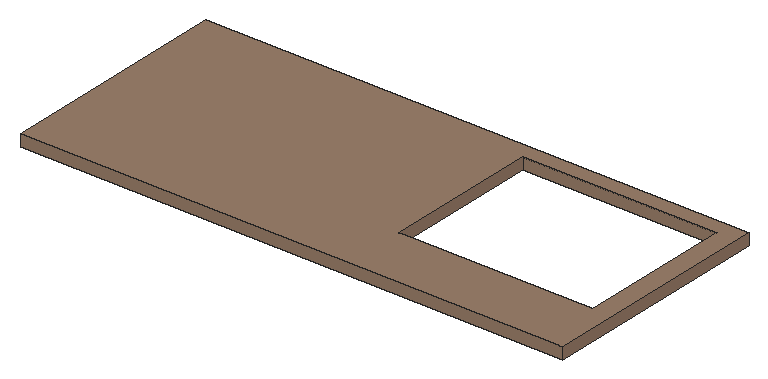
Revit family "Shelf with Hole", category Plumbing Fixtures, Revit 2015
Parameters
  Shelf Thickness [instance] = 30 mm
  Shelf Length [instance] = 1400 mm
  Shelf Depth [instance] = 600 mm
  Material Shelf = Walnut
  Manufacturer = ""
  Keynote = ""
  Hole Offset Right [instance] = 50 mm
  Hole Offset Depth [instance] = 40 mm
  Assembly Code = ""
Reference planes
  plane 1 "Center (Front/Back)": y = 0
  plane 2: z = 0
  plane 3 "Center (Left/Right)": x = 24.85
  plane 4: x = -675.15
  plane 5: x = 724.85
  plane 6: y = -600
Forms (mm)
  Extrusion 1, solid, material "Walnut" <- "Material Shelf"
    sketch origin (0, 0, 0) x (1, 0, 0) y (0, 1, 0)
      loop
        line (-675.15, 0) -> (-675.15, -600) -> (724.85, -600) -> (724.85, 0) -> (-675.15, 0)
      loop
        line (174.85, -40) -> (174.85, -440) -> (674.85, -440) -> (674.85, -40) -> (174.85, -40)
    from 0 to -30
Lines and regions (mm)
  symbolic lines
    curve 1: line (-675.15, -600, 0) -> (724.85, -600, 0)
    curve 2: line (724.85, -600, 0) -> (724.85, 0, 0)
    curve 3: line (724.85, 0, 0) -> (-675.15, 0, 0)
    curve 4: line (-675.15, 0, 0) -> (-675.15, -600, 0)
    curve 5: line (674.85, -40, 0) -> (674.85, -440, 0)
    curve 6: line (674.85, -440, 0) -> (174.85, -440, 0)
    curve 7: line (174.85, -440, 0) -> (174.85, -40, 0)
    curve 8: line (174.85, -40, 0) -> (674.85, -40, 0)
Dimensions and locks
  equal spacing: plane 4, plane 3 "Center (Left/Right)", plane 5
  "Shelf Length": plane 4 to plane 5
  "Shelf Depth": plane 6 to plane 1 "Center (Front/Back)"
  "Shelf Thickness": level to Extrusion 1
  "Hole Offset Right": Extrusion 1 sketch curve to plane 5
  "Hole Offset Depth": Extrusion 1 sketch curve to plane 1 "Center (Front/Back)"
  locked: Extrusion 1 sketch curve to Extrusion 1 sketch curve at 500
  locked: Extrusion 1 sketch curve to Extrusion 1 sketch curve at 400
  aligned and locked: curve 1 to Extrusion 1
  aligned and locked: curve 2 to Extrusion 1
  aligned and locked: curve 3 to Extrusion 1
  aligned and locked: curve 4 to Extrusion 1
  aligned and locked: curve 5 to Extrusion 1
  aligned and locked: curve 6 to Extrusion 1
  aligned and locked: curve 7 to Extrusion 1
  aligned and locked: curve 8 to Extrusion 1
Automatic sketch dimensions
  Extrusion 1 sketch curve to plane 4 = 0 mm
  plane 1 "Center (Front/Back)" to Extrusion 1 sketch curve = 0 mm
  Extrusion 1 sketch curve to plane 5 = 0 mm
  plane 6 to Extrusion 1 sketch curve = 0 mm
